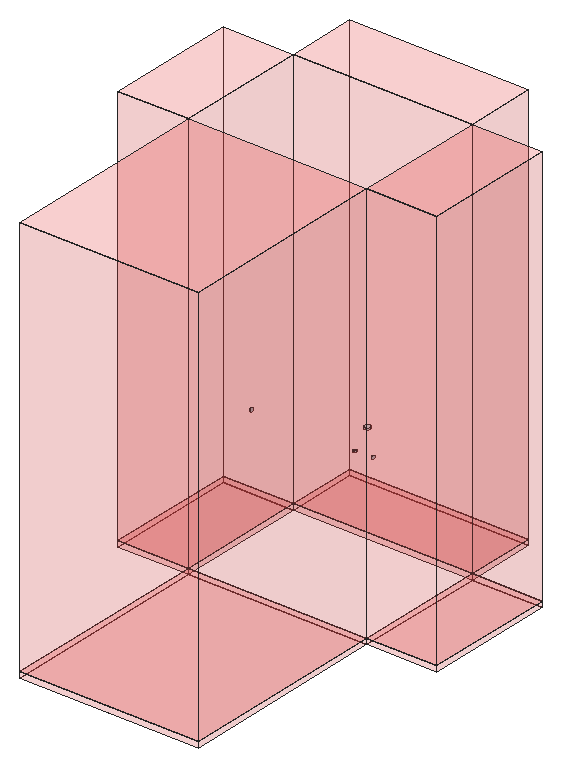
Revit family "ATPSF-101-120-S REV2", category Mechanical Equipment, Revit 2017
Family settings
  Round Connector Dimension = Use Diameter
  Part Type = Normal
  OmniClass Number = 23.75.00.00
  OmniClass Title = Climate Control (HVAC)
  Work Plane-Based = No
  Always vertical = Yes
  Cut with Voids When Loaded = No
  Shared = No
  Room Calculation Point = No
Parameters (values of type "106-S_305/337 GPH_100 PSI_1 HP_1760 RPM")
  URL = "www.preferred-mfg.com"
  Weight = 450.00 lbf
  Relief Valve Radius = Relief Valve Diameter / 2  # 0' - 0 1/4"
  Relief Valve Diameter = 0' - 0 1/2"
  RPM = 1760
  Phase = if([115/208/230 Volts], 1, if([208/230/460 Volts], 3, 0))  # 3
  PSI = 100.00 psi
  Outlet Radius = Outlet Diameter / 2  # 0' - 0 1/4"
  Outlet Diameter = 0' - 0 1/2"
  Optional Features Catalog Number [instance] = "Simplex Strainer \"-S\""
  Model = "ATPSF-106-S"
  Manufacturer = "Preferred Utilities MFG"
  Inlet Radius = Inlet Diameter / 2  # 0' - 0 1/2"
  Inlet Diameter = 0' - 1"
  HP = if([1/3HP], "1/3", if([1/2HP], "1/2", if([3/4HP], "3/4", if([1HP], "1", "Select HP"))))  # "1"
  G.P.H. Oil #2 / #4 = "305 / 337"
  Description = "Automatic Fuel Oil Transfer Pump Set"
  Clearance [instance] = yes
  Base Width = 1' - 10 1/2"
  Base Lenglth = 2' - 6 1/2"
  Base Height = 5' - 9 7/8"
  3/4HP = no
  208/230/460 Volts = if([1/2HP], 1 = 1, if([3/4HP], 1 = 1, if([1HP], 1 = 1, 1 = 0)))  # yes
  1HP = yes
  115/208/230 Volts = if([1/3HP], 1 = 1, 1 = 0)  # no
  1/3HP = no
  1/2HP = no
  1-1/2HP = no
  2HP = no
Types (11): name | RPM | Phase | PSI | Model | HP | G.P.H. Oil #2 / #4 | 3/4HP | 208/230/460 Volts | 1HP | 115/208/230 Volts | 1/3HP | 1/2HP
  (no name) | 1760 | 3 | 100.00 psi | "ATPSF-106-S" | "1" | "305 / 337" | no | yes | yes | no | no | no
  101-S_23/24 GPH_100 PSI_1/3 HP_1725 RPM | 1725 | 1 | 100.00 psi | "ATPSF-101-S" | "1/3" | "23 / 24" | no | no | no | yes | yes | no
  101-S_24/25 GPH_50 PSI_1/3 HP_1725 RPM | 1725 | 1 | 50.00 psi | "ATPSF-101-S" | "1/3" | "24 / 25" | no | no | no | yes | yes | no
  102-S_51/54 GPH_100 PSI_1/3 HP_1725 RPM | 1725 | 1 | 100.00 psi | "ATPSF-102-S" | "1/3" | "51 / 54" | no | no | no | yes | yes | no
  102-S_54/56 GPH_50 PSI_1/3 HP_1725 RPM | 1725 | 1 | 50.00 psi | "ATPSF-102-S" | "1/3" | "54 / 56" | no | no | no | yes | yes | no
  103-S_89/96 GPH_100 PSI_1/3 HP_1725 RPM | 1725 | 1 | 100.00 psi | "ATPSF-103-S" | "1/3" | "89 / 96" | no | no | no | yes | yes | no
  103-S_97/100 GPH_50 PSI_1/3 HP_1725 RPM | 1725 | 1 | 50.00 psi | "ATPSF-103-S" | "1/3" | "97 / 100" | no | no | no | yes | yes | no
  104-S_150/161 GPH_100 PSI_1/2 HP_1725 RPM | 1725 | 3 | 100.00 psi | "ATPSF-104-S" | "1/2" | "150 / 161" | no | yes | no | no | no | yes
  104-S_163/169 GPH_50 PSI_1/2 HP_1725 RPM | 1725 | 3 | 50.00 psi | "ATPSF-104-S" | "1/2" | "163 / 169" | no | yes | no | no | no | yes
  105-S_328/344 GPH_50 PSI_3/4 HP_1725 RPM | 1725 | 3 | 50.00 psi | "ATPSF-105-S" | "3/4" | "328 / 344" | yes | yes | no | no | no | no
  106-S_305/337 GPH_100 PSI_1 HP_1760 RPM | 1760 | 3 | 100.00 psi | "ATPSF-106-S" | "1" | "305 / 337" | no | yes | yes | no | no | no
Reference planes (in)
  plane 1 "Center (Front/Back)": y = 0
  plane 2: z = 0
  plane 3 "Center (Left/Right)": x = 0
  plane 4 "Outlet": z = 15.35714
  plane 5 "Inlet": z = 19.74627
  plane 6 "Reilief valve": x = -12.50232
  plane 7: x = 8.24768
Forms (in)
  Extrusion 1, solid
    sketch origin (-24.08381, 0.54783, 19.74627) x (-1, 0, 0) y (0, -1, 0)
      loop
        circle (-24.33381, -18.26517) r 0.5
    from 0 to 0.125
  Extrusion 2, solid
    sketch origin (-33.50919, 0.54783, 15.35714) x (-1, 0, 0) y (0, -1, 0)
      loop
        circle (-31.58381, -18.26517) r 0.25
    from 0 to 0.125
  Extrusion 3, solid
    sketch origin (-12.50232, 0, 0) x (0, 1, 0) y (0, 0, 1)
      loop
        circle (9.95066, 21.91997) r 0.25
    from 0 to 0.125
  Extrusion 4, solid
    sketch origin (8.24768, 0, 0) x (0, 1, 0) y (0, 0, 1)
      loop
        circle (9.95066, 21.91997) r 0.25
    from 0 to 0.125
  Extrusion 5, solid, visible <- "Clearance"
    sketch origin (-198.94, -41.5, 0) x (1, 0, 0) y (0, 1, 0)
      loop
        line (183.69, 41.5) -> (183.69, 5.5) -> (214.19, 5.5) -> (214.19, 41.5) -> (183.69, 41.5)
    from 0 to 1
  Extrusion 6, solid, visible <- "Clearance"
    sketch origin (-198.94, -41.5, 0) x (1, 0, 0) y (0, 1, 0)
      loop
        line (183.69, 41.5) -> (183.69, 5.5) -> (214.19, 5.5) -> (214.19, 41.5) -> (183.69, 41.5)
    from 1 to 69.75
  Extrusion 7, solid, visible <- "Clearance"
    sketch origin (-168.44, -17.5, 0) x (1, 0, 0) y (0, 1, 0)
      loop
        line (183.69, 40) -> (183.69, 17.5) -> (195.69, 17.5) -> (195.69, 40) -> (183.69, 40)
    from 0 to 1
  Extrusion 8, solid, visible <- "Clearance"
    sketch origin (-168.44, -17.5, 0) x (1, 0, 0) y (0, 1, 0)
      loop
        line (183.69, 40) -> (183.69, 17.5) -> (195.69, 17.5) -> (195.69, 40) -> (183.69, 40)
    from 1 to 69.75
  Extrusion 9, solid, visible <- "Clearance"
    sketch origin (168.44, -17.5, 0) x (-1, 0, 0) y (0, -1, 0)
      loop
        line (183.69, -40) -> (195.69, -40) -> (195.69, -17.5) -> (183.69, -17.5) -> (183.69, -40)
    from 0 to 1
  Extrusion 10, solid, visible <- "Clearance"
    sketch origin (168.44, -17.5, 0) x (-1, 0, 0) y (0, -1, 0)
      loop
        line (183.69, -40) -> (195.69, -40) -> (195.69, -17.5) -> (183.69, -17.5) -> (183.69, -40)
    from 1 to 69.75
  Extrusion 11, solid, visible <- "Clearance"
    sketch origin (-198.94, 64, 0) x (1, 0, 0) y (0, 1, 0)
      loop
        line (183.69, -41.5) -> (214.19, -41.5) -> (214.19, -29.5) -> (183.69, -29.5) -> (183.69, -41.5)
    from 0 to 1
  Extrusion 12, solid, visible <- "Clearance"
    sketch origin (-198.94, 64, 0) x (1, 0, 0) y (0, 1, 0)
      loop
        line (183.69, -41.5) -> (214.19, -41.5) -> (214.19, -29.5) -> (183.69, -29.5) -> (183.69, -41.5)
    from 1 to 69.75
Dimensions and locks (in)
  import instance to import instance = 2' - 6 1/2"
  import instance to Extrusion 6 = 1' - 10 1/2"
  import instance to level = 5' - 9 3/4"
  "Inlet Radius": radius of Extrusion 1 sketch curve
  "Outlet Radius": radius of Extrusion 2 sketch curve
  "Relief Valve Radius": radius of Extrusion 3 sketch curve
  "Relief Valve Radius": radius of Extrusion 4 sketch curve
  aligned and locked: level to plane 2
Automatic sketch dimensions
  plane 3 "Center (Left/Right)" to Extrusion 1 sketch curve = 0' - 0 1/4"
  Extrusion 1 sketch curve to plane 1 "Center (Front/Back)" = 1' - 6.813"
  Extrusion 2 sketch curve to plane 3 "Center (Left/Right)" = 0' - 1.92538"
  Extrusion 2 sketch curve to plane 1 "Center (Front/Back)" = 1' - 6.813"
  plane 5 "Inlet" to Extrusion 3 sketch curve = 0' - 2.17371"
  Extrusion 3 sketch curve to plane 1 "Center (Front/Back)" = 0' - 9.95066"
  plane 5 "Inlet" to Extrusion 4 sketch curve = 0' - 2.17371"
  Extrusion 4 sketch curve to plane 1 "Center (Front/Back)" = 0' - 9.95066"
  plane 1 "Center (Front/Back)" to Extrusion 5 sketch curve = 0' - 0"
  Extrusion 5 sketch curve to plane 6 "Reilief valve" = 0' - 2.74768"
  plane 7 to Extrusion 5 sketch curve = 0' - 7.00232"
  Extrusion 5 sketch curve to Extrusion 5 sketch curve = 3' - 0"
  plane 1 "Center (Front/Back)" to Extrusion 6 sketch curve = 0' - 0"
  Extrusion 6 sketch curve to plane 6 "Reilief valve" = 0' - 2.74768"
  plane 7 to Extrusion 6 sketch curve = 0' - 7.00232"
  Extrusion 6 sketch curve to Extrusion 6 sketch curve = 3' - 0"
  plane 1 "Center (Front/Back)" to Extrusion 7 sketch curve = 0' - 0"
  plane 7 to Extrusion 7 sketch curve = 0' - 7.00232"
  Extrusion 7 sketch curve to Extrusion 7 sketch curve = 1' - 0"
  Extrusion 7 sketch curve to plane 1 "Center (Front/Back)" = 1' - 10 1/2"
  plane 1 "Center (Front/Back)" to Extrusion 8 sketch curve = 0' - 0"
  plane 7 to Extrusion 8 sketch curve = 0' - 7.00232"
  Extrusion 8 sketch curve to Extrusion 8 sketch curve = 1' - 0"
  Extrusion 8 sketch curve to plane 1 "Center (Front/Back)" = 1' - 10 1/2"
  plane 1 "Center (Front/Back)" to Extrusion 9 sketch curve = 0' - 0"
  Extrusion 9 sketch curve to plane 6 "Reilief valve" = 0' - 2.74768"
  Extrusion 9 sketch curve to Extrusion 9 sketch curve = 1' - 0"
  Extrusion 9 sketch curve to plane 1 "Center (Front/Back)" = 1' - 10 1/2"
  plane 1 "Center (Front/Back)" to Extrusion 10 sketch curve = 0' - 0"
  Extrusion 10 sketch curve to plane 6 "Reilief valve" = 0' - 2.74768"
  Extrusion 10 sketch curve to Extrusion 10 sketch curve = 1' - 0"
  Extrusion 10 sketch curve to plane 1 "Center (Front/Back)" = 1' - 10 1/2"
  Extrusion 11 sketch curve to plane 6 "Reilief valve" = 0' - 2.74768"
  plane 7 to Extrusion 11 sketch curve = 0' - 7.00232"
  Extrusion 11 sketch curve to plane 1 "Center (Front/Back)" = 1' - 10 1/2"
  Extrusion 11 sketch curve to Extrusion 11 sketch curve = 1' - 0"
  Extrusion 12 sketch curve to plane 6 "Reilief valve" = 0' - 2.74768"
  plane 7 to Extrusion 12 sketch curve = 0' - 7.00232"
  Extrusion 12 sketch curve to plane 1 "Center (Front/Back)" = 1' - 10 1/2"
  Extrusion 12 sketch curve to Extrusion 12 sketch curve = 1' - 0"
Connectors (in)
  piping at (0.25, 18.813, 19.74627), diameter 1, driven by "Inlet Diameter"
    settings: on Extrusion 1, index 1, connector inside diameter 24", connector length 0' - 0", flow factor 0, pipe flow 0 GPM, pressure drop 0.00 psi, fitting loss kfactor 0, connector angle 0.00°, fixture units 0, engagement length 0' - 0", angle of deflection 0.00°, flow configuration 0, flow direction 0, fitting loss method 0, system type 28, joint type 0, gender type 0, connector reference index -1, connector utility 0, adjustable connector no, is connector primary yes, connector description ""
  piping at (-1.92538, 18.813, 15.35714), diameter 0.5, driven by "Outlet Diameter"
    settings: on Extrusion 2, index 2, connector inside diameter 24", connector length 0' - 0", flow factor 0, pipe flow 0 GPM, pressure drop 0.00 psi, fitting loss kfactor 0, connector angle 0.00°, fixture units 0, engagement length 0' - 0", angle of deflection 0.00°, flow configuration 0, flow direction 0, fitting loss method 0, system type 28, joint type 0, gender type 0, connector reference index -1, connector utility 0, adjustable connector no, is connector primary no, connector description ""
  piping at (-12.50232, 9.95066, 21.91997), diameter 0.5, driven by "Relief Valve Diameter"
    settings: on Extrusion 3, index 3, connector inside diameter 24", connector length 0' - 0", flow factor 0, pipe flow 0 GPM, pressure drop 0.00 psi, fitting loss kfactor 0, connector angle 0.00°, fixture units 0, engagement length 0' - 0", angle of deflection 0.00°, flow configuration 0, flow direction 0, fitting loss method 0, system type 28, joint type 0, gender type 0, connector reference index -1, connector utility 0, adjustable connector no, is connector primary no, connector description ""
  piping at (8.24768, 9.95066, 21.91997), diameter 0.5, driven by "Relief Valve Diameter"
    settings: on Extrusion 4, index 4, connector inside diameter 24", connector length 0' - 0", flow factor 0, pipe flow 0 GPM, pressure drop 0.00 psi, fitting loss kfactor 0, connector angle 0.00°, fixture units 0, engagement length 0' - 0", angle of deflection 0.00°, flow configuration 0, flow direction 0, fitting loss method 0, system type 28, joint type 0, gender type 0, connector reference index -1, connector utility 0, adjustable connector no, is connector primary no, connector description ""
